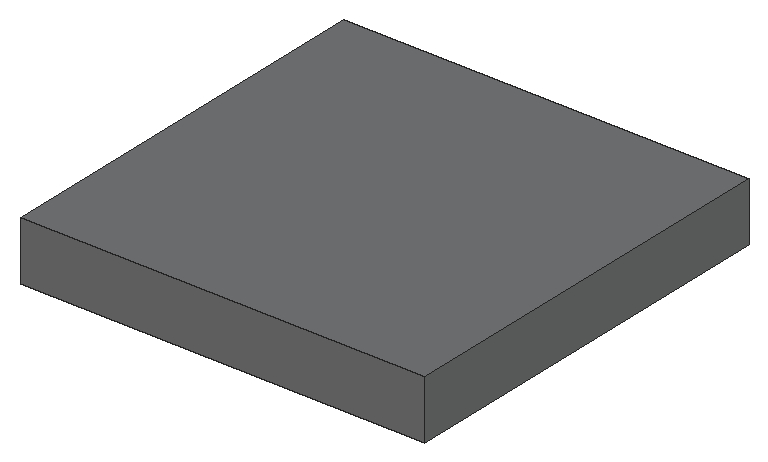
Revit family "Gira_027001", category Electrical Fixtures, host Face, Revit 2017
Family settings
  Host = Face
  Maintain Annotation Orientation = No
  Round Connector Dimension = Use Diameter
  Part Type = Normal
  Cut with Voids When Loaded = No
  Shared = No
  Room Calculation Point = No
Parameters (values of type "Cov. UAE/IAE + network System 55 cr.white")
  With strain relief = "No"
  With imprint = "No"
  With hinged lid = "No"
  With dust cover = "No"
  Utilization = "UAE/IAE (ISDN)"
  URL = "http://katalog.gira.de/en/datenblatt.html?artikelnr=027001"
  Type of fastening = "Mounting with screw"
  Transparent = "No"
  Surface protection = "Other"
  Surface finishing = "Glossy"
  Support ring = "No"
  Suitable for degree of protection (IP) = "IP20"
  RAL-number (akin) = "1013"
  Name = "Cov. UAE/IAE + network System 55 cr.white"
  Mounting method = "Flush mounted (plaster)"
  Material quality = "Thermoplastic"
  Material = "Plastic"
  Manufacturer URL = "https://www.gira.de/"
  Manufacturer = "Gira"
  Luster terminal = "No"
  Keynote = ""
  Imprintable label = "Without indication field"
  HeinzeBIM = "https://bimportal.heinze.de/bim/cov-uae-iae-network-system-55-cr-white/7b75b0d9ccdf65bfcebbfd9b77f2dc3172bf5d23"
  Halogen free = "Yes"
  HAN = "027001"
  GTIN = "4010337270010"
  Description = "Cov.UAE IAE network Sys55 CW,Cover for UAE IAE (ISDN) and network connection box,,cream white glossy,Features:,- Cover plate can be broken out.,,Notes :,- Suitable for UAE IAE (ISDN) connection boxes."
  Default Elevation = 1219.2 mm
  Data sheet (1) = "https://katalog.gira.de/en/download.html?artikelnr=027001"
  Colour = "Cream white (electro white)"
  Category = "Insert/cover for communication technology"
  BIM (1) = "https://media.stage.bim.site/public/gira/36a6b08/Sys55_Abdeckung_Schalten und Tasten.rfa?public/gira/36a6b08/Sys55_Abdeckung_Schalten und Tasten.rfa"
  Available = "No"
  Assembly arrangement = "Central cover plate"
  Anthrazit [instance] = Anthrazit
Reference planes
  plane 1 "Center (Front/Back)": y = 0
  plane 2: z = 0
  plane 3 "Center (Left/Right)": x = 0
Forms (mm)
  Extrusion 1, solid, material "Anthrazit" <- "Anthrazit", detail levels fine
    sketch origin (0, 0, 0) x (1, 0, 0) y (0, 1, 0)
      loop
        line (-27.5, 27.5) -> (-27.5, -27.5) -> (27.5, -27.5) -> (27.5, 27.5) -> (-27.5, 27.5)
    from 0 to 8
  Extrusion 2, void
    sketch origin (0, 0, 0) x (1, 0, 0) y (0, 1, 0)
      loop
        line (26, 26) -> (-26, 26) -> (-26, -26) -> (26, -26) -> (26, 26)
    from 0 to 6
  Extrusion 3, solid, material "Anthrazit" <- "Anthrazit", detail levels medium
    sketch origin (0, 0, 0) x (1, 0, 0) y (0, 1, 0)
      loop
        line (-27.5, 27.5) -> (-27.5, -27.5) -> (27.5, -27.5) -> (27.5, 27.5) -> (-27.5, 27.5)
    from 0 to 8
  Extrusion 4, solid, material "Anthrazit" <- "Anthrazit", detail levels medium
    sketch origin (0, 0, 0) x (1, 0, 0) y (0, 1, 0)
      loop
        line (11, -17.5) -> (11, 17.5) -> (-11, 17.5) -> (-11, -17.5) -> (11, -17.5)
    from -6 to 6
  Extrusion 5, solid, material "Anthrazit" <- "Anthrazit", detail levels fine
    sketch origin (0, 0, 0) x (1, 0, 0) y (0, 1, 0)
      loop
        line (11, 17.5) -> (-11, 17.5) -> (-11, 16.5) -> (11, 16.5) -> (11, 17.5)
      loop
        line (-11, -16.5) -> (-11, -17.5) -> (11, -17.5) -> (11, -16.5) -> (-11, -16.5)
    from -4 to 6
  Extrusion 6, solid, material "Anthrazit" <- "Anthrazit", detail levels fine
    sketch origin (0, 0, 0) x (1, 0, 0) y (0, 1, 0)
      loop
        arc (5, 9.347) -> (0, 10.6) -> (-5, 9.347) r 10.6
        line (-5, 9.347) -> (-5, -9.347)
        arc (-5, -9.347) -> (0, -10.6) -> (5, -9.347) r 10.6
        line (5, -9.347) -> (5, 9.347)
    from -6 to 6
  Extrusion 7, solid, material "Anthrazit" <- "Anthrazit", detail levels coarse
    sketch origin (0, 0, 0) x (1, 0, 0) y (0, 1, 0)
      loop
        line (-27.5, 27.5) -> (-27.5, -27.5) -> (27.5, -27.5) -> (27.5, 27.5) -> (-27.5, 27.5)
    from -6 to 8
Cuts and joins
  Extrusion 2 cuts Extrusion 1
Dimensions and locks
  aligned and locked: plane 2 to host face
  aligned and locked: level to host face
